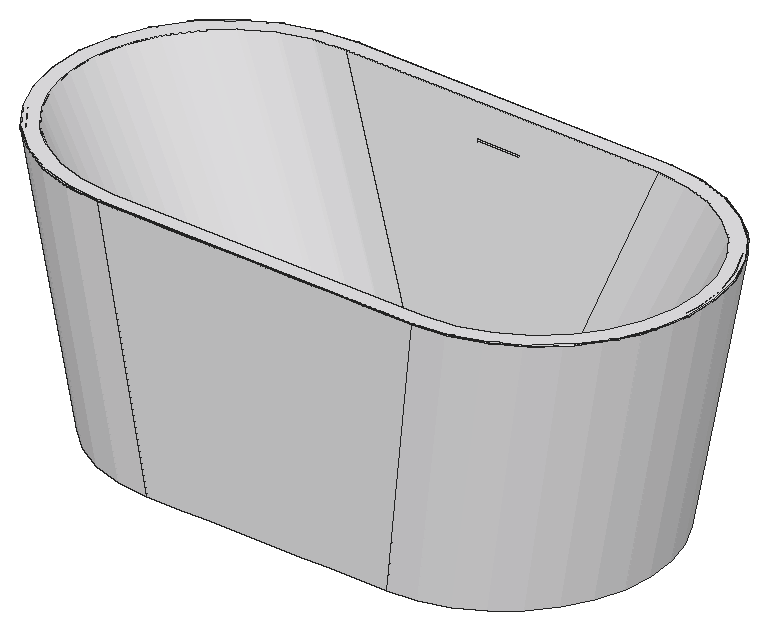
Revit family "Bath-Freestanding-KOHLER-EVOK-K-25167T_1", category Plumbing Fixtures, host Face, Revit 2022
Family settings
  Host = Face
  Round Connector Dimension = Use Diameter
  Part Type = Normal
  OmniClass Number = 23.31.15.00
  OmniClass Title = Bathtubs
  Cut with Voids When Loaded = No
  Maintain Annotation Orientation = No
  Shared = No
  Room Calculation Point = No
Parameters (values of type "White Apron, 0-White")
  Width = 59"  # constant formula
  WaterSense Certified = 1 = 0  # no
  Waste Water Outlet = "Waste Water Outlet"  # constant formula
  Waste Connection = 1 = 1  # yes
  Vent Connection = 1 = 0  # no
  URL = "http://www.kohler.com.cn/"
  Type = 1
  Secondary Finish = KOHLER-Acrylic-0-White
  Product Page URL = "https://www.kohler.com.cn/product/K-25167T-0/K-25167T-0/"
  Product Name = "EVOK"  # constant formula
  Product Documentation Link = "https://files.kohler.com.cn/pdfs/1586770508770_191025_RI_K-25167T_final.pdf"
  Pressure = 0.00 psi
  Model = if(Type = 1, "K-25167T-0", if(Type = 2, "K-25167T-P5-0", if(Type = 3, "K-25167T-P8-0", "NA")))  # "K-25167T-0"
  Material = "Acrylic"  # constant formula
  Master Format 2014 Name = "Residential Bathtubs"  # constant formula
  Master Format 2014 = "22 41 19"  # constant formula
  Manufacturer Address = "Kohler Beijing Office (100016) 36-2-03-B, No. 88, Liuxiang Road, Beijing"  # constant formula
  Manufacturer = "Kohler Co."  # constant formula
  Length = 29 33/64"  # constant formula
  Hot Water Inlet = "Hot Water Inlet"  # constant formula
  Height = 24 27/128"  # constant formula
  HW Connection = 1 = 0  # no
  Flow Rate = 0 GPM
  Finish = KOHLER-Acrylic-0-White
  Environmental Product Declaration = ""
  Drain Included = 1 = 1  # yes
  Description = if(Type = 1, "Ave 2.0 Oval 1.5m Seamless Freestanding Acrylic Bathtub (with Drain)", if(Type = 2, "Ave 2.0 Oval 1.5m Seamless Freestanding Acrylic Bathtub Black Skirt (with Drain)", if(Type = 3, "Ave 2.0 Oval 1.5m Seamless Freestanding Acrylic Bathtub Peacock Blue Skirt (with Drainage)", "NA")))  # "Ave 2.0 Oval 1.5m Seamless Freestanding Acrylic Bathtub (with Drain)"
  Default Elevation = 0"
  Declare Label = ""
  Date Modified = "04/08/2022"  # constant formula
  Date Created = "02/23/2022"  # constant formula
  Copyright = "Copyright Kohler Co."  # constant formula
  Contact Us = "http://www.kohler.com.cn/contact/contact-us/"
  Cold Water Inlet = "Cold Water Inlet"  # constant formula
  CW Connection = 1 = 0  # no
  Assembly Code = "D2010500"
  ADA Compliant = 1 = 0  # no
Types (4): name | Type | Secondary Finish | Product Page URL | Model | Description
  (no name) | 1 | KOHLER-Acrylic-0-White | "https://www.kohler.com.cn/product/K-25167T-0/K-25167T-0/" | "K-25167T-0" | "Ave 2.0 Oval 1.5m Seamless Freestanding Acrylic Bathtub (with Drain)"
  White Apron, 0-White | 1 | KOHLER-Acrylic-0-White | "https://www.kohler.com.cn/product/K-25167T-0/K-25167T-0/" | "K-25167T-0" | "Ave 2.0 Oval 1.5m Seamless Freestanding Acrylic Bathtub (with Drain)"
  Black Apron, 0-White | 2 | KOHLER-Acrylic-P5-Iron_Black | "https://www.kohler.com.cn/product/K-25167T-P5-0/K-25167T-P5-0/" | "K-25167T-P5-0" | "Ave 2.0 Oval 1.5m Seamless Freestanding Acrylic Bathtub Black Skirt (with Drain)"
  Peacock Apron, 0-White | 3 | KOHLER-Acrylic-P8-Peacock | "https://www.kohler.com.cn/product/K-25167T-P8-0/K-25167T-P8-0/" | "K-25167T-P8-0" | "Ave 2.0 Oval 1.5m Seamless Freestanding Acrylic Bathtub Peacock Blue Skirt (with Drainage)"
Reference planes (in)
  plane 1 "Center (Front/Back)": y = 0
  plane 2: z = 0
  plane 3 "Center (Left/Right)": x = 0
  plane 4: y = 14.75775
  plane 5: z = 24.21094
  plane 6: z = 0.19353
  plane 7: x = -29.5
  plane 8: x = -24.61417
  plane 9: x = -18.21063
  plane 10: y = 11.09646
  plane 11: x = -28.48425
  plane 12: y = 13.56496
  plane 13: y = 13.742
  plane 14: z = 3.0821
  plane 15: x = 29.5
  plane 16: x = 24.61417
  plane 17: x = 18.21063
  plane 18: x = 28.48425
  plane 19: y = -14.75787
  plane 20: y = -11.09646
  plane 21: y = -13.56496
  plane 22: y = -13.74225
Dimensions and locks (in)
  "Height": plane 5 to level
  plane 5 to plane 6 = 24.01741"
  "Width": plane 7 to plane 15
  "Length": plane 19 to plane 4
  plane 3 "Center (Left/Right)" to plane 15 = 29 1/2"
  plane 18 to plane 15 = 1.01575"
  plane 13 to plane 4 = 1.01575"
  plane 19 to plane 1 "Center (Front/Back)" = 14.75787"
  plane 9 to plane 17 = 36.42126"
  plane 20 to plane 10 = 22.19291"
  plane 11 to plane 18 = 56.9685"
  plane 13 to plane 22 = 27.48425"
  plane 8 to plane 16 = 49.22835"
  plane 12 to plane 21 = 27.12992"
  aligned and locked: plane 2 to host face
  aligned and locked: level to host face
  aligned and locked: plane 3 "Center (Left/Right)" to nested 1
  aligned and locked: plane 1 "Center (Front/Back)" to nested 1
Automatic sketch dimensions
  host sketch curve to host sketch curve = 96"  (x2)
Nested families (in)
  nested 1: "K-25167T" at (0, 0, 0), type "K-25167T"
Connectors (in)
  piping at (0, 0, 3.08487), diameter 1.19922, driven by "Waste Connection", driven by "Waste Water Outlet"
    settings: on nested 1, index 1, connector inside diameter 24", connector length 0", flow factor 0, pipe flow 0 GPM, pressure drop 0.00 psi, fitting loss kfactor 0, connector angle 0.00°, fixture units 0, engagement length 0", angle of deflection 0.00°, flow configuration 0, flow direction 2, fitting loss method 0, system type 16, joint type 0, gender type 0, connector reference index -1, connector utility 1, adjustable connector no, is connector primary yes, connector description "Waste Water Outlet"
Definition of nested family "K-25167T"
  Parameters
    Sec Material = none
    Material = none
    Default Elevation = 0"
  Reference planes (in)
    plane 1 "Center (Front/Back)": y = 0
    plane 2: z = 0
    plane 3 "Center (Left/Right)": x = 0
    plane 4: z = 24.2126
    plane 5: z = 0.19685
    plane 6: z = 3.0821
    plane 7: y = 14.75787
    plane 8: y = 13.74213
    plane 9: y = 11.09646
    plane 10: x = -29.5
    plane 11: x = -28.48425
    plane 12: x = -18.21063
    plane 13: x = 26.58268
    plane 14: y = -14.75787
    plane 15: y = -13.74213
    plane 16: y = -11.09646
    plane 17: x = 29.5
    plane 18: x = 28.48425
    plane 19: x = 18.21063
    plane 20: x = -24.61417
    plane 21: x = 24.61417
    plane 22: y = 13.56496
    plane 23: y = -13.56496
  Forms (in)
    Blend 1, solid, material <- "Material", detail levels medium+fine
      base sketch origin (0.12683, 0, 0) x (1, 0, 0) y (0, 1, 0)
        loop
          arc (-11.2152, 13.18979) -> (-24.40499, 0) -> (-11.2152, -13.18979) r 13.18979
          line (-11.2152, -13.18979) -> (10.96153, -13.18979)
          arc (10.96153, -13.18979) -> (24.15132, 0) -> (10.96153, 13.18979) r 13.18979
          line (10.96153, 13.18979) -> (-11.2152, 13.18979)
      top sketch origin (0.12683, 0, 0) x (1, 0, 0) y (0, 1, 0)
        loop
          arc (-14.64353, 14.5661) -> (-29.20963, 0) -> (-14.64353, -14.5661) r 14.5661
          line (-14.64353, -14.5661) -> (14.38987, -14.5661)
          arc (14.38987, -14.5661) -> (28.95597, 0) -> (14.38987, 14.5661) r 14.5661
          line (14.38987, 14.5661) -> (-14.64353, 14.5661)
      from 0.19685 to 24.03581
    Sweep 2, solid, material <- "Material", detail levels medium+fine
      path origin (0, 0, 0) x (1, 0, 0) y (0, 1, 0)
        loop
          arc (-14.5167, 14.96063) -> (-29.47733, 0) -> (-14.5167, -14.96063) r 14.96063
          line (-14.5167, -14.96063) -> (14.5167, -14.96063)
          arc (14.5167, -14.96063) -> (29.47733, 0) -> (14.5167, 14.96063) r 14.96063
          line (14.5167, 14.96063) -> (-14.5167, 14.96063)
      profile origin (29.47733, 0, 0) x (1, 0, 0) y (0, 0, 1)
        loop
          line (0, 24.03581) -> (0, 24.07191)
          arc (0, 24.07191) -> (-0.01657, 24.11192) -> (-0.05658, 24.12849) r 0.05658
          line (-0.05658, 24.12849) -> (-0.11659, 24.12849) -> (-0.11659, 24.03581) -> (0, 24.03581)
    Blend 3, void
      base sketch origin (0, 0, 0) x (1, 0, 0) y (0, 1, 0)
        loop
          arc (-6.932, 11.28543) -> (-18.21744, 0) -> (-6.932, -11.28543) r 11.28543
          line (-6.932, -11.28543) -> (6.932, -11.28543)
          arc (6.932, -11.28543) -> (18.21744, 0) -> (6.932, 11.28543) r 11.28543
          line (6.932, 11.28543) -> (-6.932, 11.28543)
      top sketch origin (0, 0, 0) x (1, 0, 0) y (0, 1, 0)
        loop
          arc (-14.7983, 13.6811) -> (-28.4794, 0) -> (-14.7983, -13.6811) r 13.6811
          line (-14.7983, -13.6811) -> (14.7983, -13.6811)
          arc (14.7983, -13.6811) -> (28.4794, 0) -> (14.7983, 13.6811) r 13.6811
          line (14.7983, 13.6811) -> (-14.7983, 13.6811)
      from 4.8406 to 24.99303
    Extrusion 4, solid, material <- "Material", detail levels medium+fine
      sketch origin (0, 0, 0) x (1, 0, 0) y (0, 1, 0)
        loop
          line (-14.5167, -14.84404) -> (14.5167, -14.84404)
          arc (14.5167, -14.84404) -> (29.36074, 0) -> (14.5167, 14.84404) r 14.84404
          line (14.5167, 14.84404) -> (-14.5167, 14.84404)
          arc (-14.5167, 14.84404) -> (-29.36074, 0) -> (-14.5167, -14.84404) r 14.84404
        loop
          arc (-14.42466, 13.56731) -> (-27.99197, 0) -> (-14.42466, -13.56731) r 13.56731
          line (-14.42466, -13.56731) -> (14.42466, -13.56731)
          arc (14.42466, -13.56731) -> (27.99197, 0) -> (14.42466, 13.56731) r 13.56731
          line (14.42466, 13.56731) -> (-14.42466, 13.56731)
      from 24.03581 to 24.12849
    Revolve 5, solid, detail levels medium+fine
      sketch origin (0, 0, 0) x (1, 0, 0) y (0, 0, 1)
        loop
          arc (0, 5.72692) -> (-0.71313, 5.64992) -> (-1.39339, 5.42247) r 3.34085
          arc (-1.39339, 5.42247) -> (-1.41057, 5.40754) -> (-1.41698, 5.38569) r 0.04047
          line (-1.41698, 5.38569) -> (-1.41698, 5.02102) -> (-0.23587, 5.02102) -> (-0.23587, 4.43099) -> (-0.82118, 4.43099) -> (-0.85178, 4.57498)
          arc (-0.85178, 4.57498) -> (-0.8622, 4.59377) -> (-0.88133, 4.60352) r 0.03673
          line (-0.88133, 4.60352) -> (-1.34773, 4.68575)
          arc (-1.34773, 4.68575) -> (-1.38122, 4.6623) -> (-1.35777, 4.62881) r 0.02891
          line (-1.35777, 4.62881) -> (-0.9943, 4.56473)
          arc (-0.9943, 4.56473) -> (-0.94891, 4.53852) -> (-0.93098, 4.48927) r 0.07662
          line (-0.93098, 4.48927) -> (-0.93098, 4.31643) -> (0, 4.31643) -> (0, 5.72692)
        axis (0, 4.31643) -> (0, 5.72692)
      angle from 0 to 360
    Revolve 6, void
      sketch origin (0, 0, 0) x (1, 0, 0) y (0, 0, 1)
        loop
          line (-1.70584, 4.73897) -> (-1.34095, 4.37408)
          arc (-1.34095, 4.37408) -> (-1.27709, 4.33141) -> (-1.20176, 4.31643) r 0.19685
          line (-1.20176, 4.31643) -> (-0.76137, 4.31643) -> (-0.76137, 3.52165) -> (0, 3.52165) -> (0, 5.30055) -> (-2.40862, 5.30055) -> (-2.40862, 4.8406) -> (-1.95119, 4.8406)
          arc (-1.95119, 4.8406) -> (-1.81841, 4.81419) -> (-1.70584, 4.73897) r 0.34697
        axis (0, 3.52165) -> (0, 5.30055)
      angle from 0 to 360
    Extrusion 7, void
      sketch origin (0, 0, 0) x (1, 0, 0) y (0, 1, 0)
        loop
          arc (-11.04798, 12.38448) -> (-23.43245, 0.00001) -> (-11.04798, -12.38446) r 12.38447
          line (-11.04798, -12.38446) -> (11.04798, -12.38446)
          arc (11.04798, -12.38446) -> (23.43245, 0.00001) -> (11.04798, 12.38448) r 12.38447
          line (11.04798, 12.38448) -> (-11.04798, 12.38448)
      from 0 to 4.53076
    Extrusion 8, void
      sketch origin (0, 0, 0.12303) x (1, 0, 0) y (0, 0, 1)
        loop
          line (1.84972, 21.16313) -> (-1.84972, 21.16313)
          arc (-1.84972, 21.16313) -> (-1.96783, 21.04502) -> (-1.84972, 20.92691) r 0.11811
          line (-1.84972, 20.92691) -> (1.84972, 20.92691)
          arc (1.84972, 20.92691) -> (1.96783, 21.04502) -> (1.84972, 21.16313) r 0.11811
      from -14.11698 to -12.23451
    Revolve 9, solid, material <- "Material", detail levels medium+fine
      sketch origin (0, 0, 0) x (1, 0, 0) y (0, 0, 1)
        loop
          line (-0.93171, 4.31643) -> (-0.93171, 3.11451)
          arc (-0.93171, 3.11451) -> (-0.92303, 3.09355) -> (-0.90207, 3.08487) r 0.02964
          line (-0.90207, 3.08487) -> (-0.81114, 3.08487) -> (-0.81114, 4.31643) -> (-0.93171, 4.31643)
        axis (0, 3.08487) -> (0, 4.31643)
      angle from 0 to 360
    Blend 10, solid, material <- "Material", detail levels coarse
      base sketch origin (0, 0, 0) x (1, 0, 0) y (0, 1, 0)
        loop
          line (-11.09924, -13.18979) -> (11.08836, -13.18979)
          arc (11.08836, -13.18979) -> (24.27815, 0) -> (11.08836, 13.18979) r 13.18979
          line (11.08836, 13.18979) -> (-11.08836, 13.18979)
          arc (-11.08836, 13.18979) -> (-24.27815, 0.00544) -> (-11.09924, -13.18979) r 13.18979
      top sketch origin (0, 0, 0) x (1, 0, 0) y (0, 1, 0)
        loop
          line (-14.5167, -14.5661) -> (14.5167, -14.5661)
          arc (14.5167, -14.5661) -> (29.0828, 0) -> (14.5167, 14.5661) r 14.5661
          line (14.5167, 14.5661) -> (-14.5167, 14.5661)
          arc (-14.5167, 14.5661) -> (-29.0828, 0) -> (-14.5167, -14.5661) r 14.5661
      from 0 to 24.2126
    Blend 11, void
      base sketch origin (0, 0, 0) x (1, 0, 0) y (0, 1, 0)
        loop
          arc (-6.932, 11.28543) -> (-18.21744, 0) -> (-6.932, -11.28543) r 11.28543
          line (-6.932, -11.28543) -> (6.932, -11.28543)
          arc (6.932, -11.28543) -> (18.21744, 0) -> (6.932, 11.28543) r 11.28543
          line (6.932, 11.28543) -> (-6.932, 11.28543)
      top sketch origin (0, 0, 0) x (1, 0, 0) y (0, 1, 0)
        loop
          arc (-14.46083, 13.57833) -> (-28.03916, 0) -> (-14.46083, -13.57833) r 13.57833
          line (-14.46083, -13.57833) -> (14.46083, -13.57833)
          arc (14.46083, -13.57833) -> (28.03916, 0) -> (14.46083, 13.57833) r 13.57833
          line (14.46083, 13.57833) -> (-14.46083, 13.57833)
      from 4.8406 to 25.27574
    Extrusion 12, solid, material <- "Material", detail levels medium+fine
      sketch origin (0, 0, 0) x (1, 0, 0) y (0, 1, 0)
        loop
          line (-7.08661, -8.85822) -> (7.08661, -8.85822)
          arc (7.08661, -8.85822) -> (13.35036, -6.2637) -> (15.94488, 0.00004) r 8.85827
          arc (15.94488, 0.00004) -> (13.35036, 6.26379) -> (7.08661, 8.85831) r 8.85827
          line (7.08661, 8.85831) -> (-7.08661, 8.85831)
          arc (-7.08661, 8.85831) -> (-13.35036, 6.26379) -> (-15.94488, 0.00004) r 8.85827
          arc (-15.94488, 0.00004) -> (-13.35036, -6.2637) -> (-7.08661, -8.85822) r 8.85827
      from 3.98966 to 4.53076
    Extrusion 13, solid, material <- "Material", detail levels medium+fine
      sketch origin (0, 0, 0) x (1, 0, 0) y (0, 1, 0)
        loop
          line (-7.38189, 9.84256) -> (-8.36614, 9.84256) -> (-8.36614, -9.84248) -> (-7.38189, -9.84248) -> (-7.38189, 9.84256)
        loop
          line (7.38189, -9.84248) -> (8.36614, -9.84248) -> (8.36614, 9.84256) -> (7.38189, 9.84256) -> (7.38189, -9.84248)
      from 2.02115 to 3.98966
    Extrusion 14, solid, material <- "Material", detail levels medium+fine
      sketch origin (0, 0, 0) x (1, 0, 0) y (0, 1, 0)
        loop
          line (-8.26043, -9.37003) -> (-8.06722, -9.70468) -> (-7.68081, -9.70468) -> (-7.4876, -9.37003) -> (-7.68081, -9.03539) -> (-8.06722, -9.03539) -> (-8.26043, -9.37003)
        loop
          line (8.26043, -9.37003) -> (8.06722, -9.03539) -> (7.68081, -9.03539) -> (7.4876, -9.37003) -> (7.68081, -9.70468) -> (8.06722, -9.70468) -> (8.26043, -9.37003)
        loop
          line (8.26043, 9.37003) -> (8.06722, 9.70468) -> (7.68081, 9.70468) -> (7.4876, 9.37003) -> (7.68081, 9.03539) -> (8.06722, 9.03539) -> (8.26043, 9.37003)
        loop
          line (-8.26043, 9.37003) -> (-8.06722, 9.03539) -> (-7.68081, 9.03539) -> (-7.4876, 9.37003) -> (-7.68081, 9.70468) -> (-8.06722, 9.70468) -> (-8.26043, 9.37003)
      from 1.70619 to 2.02115
    Revolve 15, solid, material <- "Material", detail levels medium+fine
      sketch origin (-19.68504, -9.37007, 0) x (1, 0, 0) y (0, 0, -1)
        loop
          line (11.81102, 0) -> (11.81102, -2.5376) -> (12.00792, -2.5376) -> (12.00792, -1.25984) -> (12.19757, -1.25984) -> (12.19757, -0.96506) -> (12.00792, -0.96506) -> (12.00792, -0.93307) -> (12.32283, -0.93307) -> (12.79528, -0.46063) -> (12.79528, 0) -> (11.81102, 0)
        axis (11.81102, -2.5376) -> (11.81102, 0)
      angle from 0 to 360
    Revolve 16, solid, material <- "Material", detail levels medium+fine
      sketch origin (19.68504, -9.37007, 0) x (-1, 0, 0) y (0, 0, 1)
        loop
          line (11.81102, 0) -> (12.79528, 0) -> (12.79528, 0.46063) -> (12.32283, 0.93307) -> (12.00792, 0.93307) -> (12.00792, 0.96506) -> (12.19757, 0.96506) -> (12.19757, 1.25984) -> (12.00792, 1.25984) -> (12.00792, 2.5376) -> (11.81102, 2.5376) -> (11.81102, 0)
        axis (11.81102, 2.5376) -> (11.81102, 0)
      angle from 0 to 360
    Revolve 17, solid, material <- "Material", detail levels medium+fine
      sketch origin (19.68504, 9.37007, 0) x (-1, 0, 0) y (0, 0, -1)
        loop
          line (11.81102, 0) -> (11.81102, -2.5376) -> (12.00792, -2.5376) -> (12.00792, -1.25984) -> (12.19757, -1.25984) -> (12.19757, -0.96506) -> (12.00792, -0.96506) -> (12.00792, -0.93307) -> (12.32283, -0.93307) -> (12.79528, -0.46063) -> (12.79528, 0) -> (11.81102, 0)
        axis (11.81102, -2.5376) -> (11.81102, 0)
      angle from 0 to 360
    Revolve 18, solid, material <- "Material", detail levels medium+fine
      sketch origin (-19.68504, 9.37007, 0) x (1, 0, 0) y (0, 0, 1)
        loop
          line (11.81102, 0) -> (12.79528, 0) -> (12.79528, 0.46063) -> (12.32283, 0.93307) -> (12.00792, 0.93307) -> (12.00792, 0.96506) -> (12.19757, 0.96506) -> (12.19757, 1.25984) -> (12.00792, 1.25984) -> (12.00792, 2.5376) -> (11.81102, 2.5376) -> (11.81102, 0)
        axis (11.81102, 2.5376) -> (11.81102, 0)
      angle from 0 to 360
    Blend 19, solid, material <- "Sec Material", detail levels medium+fine
      base sketch origin (0.12683, 0, 0) x (1, 0, 0) y (0, 1, 0)
        loop
          line (-11.2152, -13.58432) -> (10.96153, -13.58432)
          arc (10.96153, -13.58432) -> (24.54585, 0) -> (10.96153, 13.58432) r 13.58432
          line (10.96153, 13.58432) -> (-11.2152, 13.58432)
          arc (-11.2152, 13.58432) -> (-24.79952, 0) -> (-11.2152, -13.58432) r 13.58432
      top sketch origin (0.12683, 0, 0) x (1, 0, 0) y (0, 1, 0)
        loop
          arc (-14.64353, 14.96063) -> (-29.60416, 0) -> (-14.64353, -14.96063) r 14.96063
          line (-14.64353, -14.96063) -> (14.38987, -14.96063)
          arc (14.38987, -14.96063) -> (29.3505, 0) -> (14.38987, 14.96063) r 14.96063
          line (14.38987, 14.96063) -> (-14.64353, 14.96063)
      from 0.19685 to 24.03581
    Blend 20, void
      base sketch origin (0.12683, 0, 0) x (1, 0, 0) y (0, 1, 0)
        loop
          arc (-11.2152, 13.18979) -> (-24.40499, 0) -> (-11.2152, -13.18979) r 13.18979
          line (-11.2152, -13.18979) -> (10.96153, -13.18979)
          arc (10.96153, -13.18979) -> (24.15132, 0) -> (10.96153, 13.18979) r 13.18979
          line (10.96153, 13.18979) -> (-11.2152, 13.18979)
      top sketch origin (0.12683, 0, 0) x (1, 0, 0) y (0, 1, 0)
        loop
          arc (-14.64353, 14.5661) -> (-29.20963, 0) -> (-14.64353, -14.5661) r 14.5661
          line (-14.64353, -14.5661) -> (14.38987, -14.5661)
          arc (14.38987, -14.5661) -> (28.95597, 0) -> (14.38987, 14.5661) r 14.5661
          line (14.38987, 14.5661) -> (-14.64353, 14.5661)
      from 0.19685 to 24.03581
    Blend 21, solid, material <- "Sec Material", detail levels coarse
      base sketch origin (0, 0, 0) x (1, 0, 0) y (0, 1, 0)
        loop
          line (-11.0994, -13.58432) -> (11.08836, -13.58432)
          arc (11.08836, -13.58432) -> (24.67269, 0) -> (11.08836, 13.58432) r 13.58432
          line (11.08836, 13.58432) -> (-11.08836, 13.58432)
          arc (-11.08836, 13.58432) -> (-24.67268, 0.00552) -> (-11.0994, -13.58432) r 13.58432
      top sketch origin (0, 0, 0) x (1, 0, 0) y (0, 1, 0)
        loop
          line (-14.5167, -14.96063) -> (14.5167, -14.96063)
          arc (14.5167, -14.96063) -> (29.47733, 0) -> (14.5167, 14.96063) r 14.96063
          line (14.5167, 14.96063) -> (-14.5167, 14.96063)
          arc (-14.5167, 14.96063) -> (-29.47733, 0) -> (-14.5167, -14.96063) r 14.96063
      from 0 to 24.2126
    Blend 22, void
      base sketch origin (0, 0, 0) x (1, 0, 0) y (0, 1, 0)
        loop
          line (-11.09924, -13.18979) -> (11.08836, -13.18979)
          arc (11.08836, -13.18979) -> (24.27815, 0) -> (11.08836, 13.18979) r 13.18979
          line (11.08836, 13.18979) -> (-11.08836, 13.18979)
          arc (-11.08836, 13.18979) -> (-24.27815, 0.00544) -> (-11.09924, -13.18979) r 13.18979
      top sketch origin (0, 0, 0) x (1, 0, 0) y (0, 1, 0)
        loop
          line (-14.5167, -14.5661) -> (14.5167, -14.5661)
          arc (14.5167, -14.5661) -> (29.0828, 0) -> (14.5167, 14.5661) r 14.5661
          line (14.5167, 14.5661) -> (-14.5167, 14.5661)
          arc (-14.5167, 14.5661) -> (-29.0828, 0) -> (-14.5167, -14.5661) r 14.5661
      from 0 to 24.2126
  Cuts and joins
    Blend 3, Revolve 6, Extrusion 7, Extrusion 8 cuts Blend 1
    Blend 3, Revolve 6 cuts Sweep 2
    Blend 3, Revolve 6 cuts Extrusion 4
    Revolve 6 cuts Extrusion 12
    joined: Blend 1, Sweep 2, Extrusion 4, Revolve 9, Extrusion 12, Extrusion 13, Extrusion 14, Revolve 15, Revolve 16, Revolve 17, Revolve 18
    Blend 11 cuts Blend 10
    Blend 20 cuts Blend 19
    Blend 22 cuts Blend 21
  Lines and regions (in)
    Masking region 1
      outline origin (0, 0, 0) x (1, 0, 0) y (0, 1, 0)
        loop
          arc (-14.74213, 14.75787) -> (-29.5, 0) -> (-14.74213, -14.75787) r 14.75787
          line (-14.74213, -14.75787) -> (14.74213, -14.75787)
          arc (14.74213, -14.75787) -> (29.5, 0) -> (14.74213, 14.75787) r 14.75787
          line (14.74213, 14.75787) -> (-14.74213, 14.75787)
    Masking region 2
      outline origin (0, 0, 0) x (1, 0, 0) y (0, 0, 1)
        loop
          arc (-29.29565, 24.2126) -> (-29.45402, 24.13739) -> (-29.49582, 23.96712) r 0.20435
          line (-29.49582, 23.96712) -> (-24.67964, 0.52251)
          arc (-24.67964, 0.52251) -> (-24.53793, 0.28859) -> (-24.28028, 0.19685) r 0.4077
          line (-24.28028, 0.19685) -> (-8.85827, 0.19685) -> (-8.85827, 0) -> (-6.88976, 0) -> (-6.88976, 0.19685) -> (6.88976, 0.19685) -> (6.88976, 0) -> (8.85827, 0) -> (8.85827, 0.19685) -> (24.28028, 0.19685)
          arc (24.28028, 0.19685) -> (24.53793, 0.28859) -> (24.67964, 0.52251) r 0.4077
          line (24.67964, 0.52251) -> (29.49582, 23.96712)
          arc (29.49582, 23.96712) -> (29.45402, 24.13739) -> (29.29565, 24.2126) r 0.20435
          line (29.29565, 24.2126) -> (-29.29565, 24.2126)
    Masking region 3
      outline origin (0, 0, 0) x (0, 1, 0) y (0, 0, 1)
        loop
          line (14.58322, 24.2126) -> (-14.58322, 24.2126)
          arc (-14.58322, 24.2126) -> (-14.70955, 24.15841) -> (-14.75734, 24.02952) r 0.17434
          line (-14.75734, 24.02952) -> (-13.5805, 0.57083)
          arc (-13.5805, 0.57083) -> (-13.45862, 0.30527) -> (-13.18729, 0.19685) r 0.3937
          line (-13.18729, 0.19685) -> (-10.35434, 0.19685) -> (-10.35434, 0) -> (-9.65257, 0) -> (-8.38584, 0) -> (-8.38584, 0.19685) -> (8.38584, 0.19685) -> (8.38584, 0) -> (9.65257, 0) -> (10.35434, 0) -> (10.35434, 0.19685) -> (13.18729, 0.19685)
          arc (13.18729, 0.19685) -> (13.45862, 0.30527) -> (13.5805, 0.57083) r 0.3937
          line (13.5805, 0.57083) -> (14.75734, 24.02952)
          arc (14.75734, 24.02952) -> (14.70955, 24.15841) -> (14.58322, 24.2126) r 0.17434
    symbolic lines
      curve 1: line (-7.10336, 11.09646, 0) -> (7.10336, 11.09646, 0)
      curve 2: line (-14.74274, 13.74213, 0) -> (14.74274, 13.74213, 0)
      curve 7: circle (0, 0, 0) r 1.81364 normal (0, 0, 1)
      curve 14: arc (-14.74274, -13.74213, 0) -> (-28.48486, 0, 0) -> (-14.74274, 13.74213, 0) r 13.74213
      curve 16: arc (-7.82741, -11.09646, 0) -> (-18.20573, 0.3504, 0) -> (-7.10336, 11.09646, 0) r 11.10827
      curve 17: line (-7.82741, -11.09646, 0) -> (7.82741, -11.09646, 0)
      curve 18: line (-14.74274, -13.74213, 0) -> (14.74274, -13.74213, 0)
      curve 20: arc (14.74274, -13.74213, 0) -> (28.48486, 0, 0) -> (14.74274, 13.74213, 0) r 13.74213
      curve 22: arc (7.82741, -11.09646, 0) -> (18.20573, 0.3504, 0) -> (7.10336, 11.09646, 0) r 11.10827
    symbolic lines, detail levels medium+fine
      curve 3: line (-7.23337, 9.19094, 0) -> (7.23337, 9.19094, 0)
      curve 4: line (-1.97459, 13.21623, 0) -> (1.97459, 13.21623, 0)
      curve 5: line (-1.97459, 13.15499, 0) -> (1.97459, 13.15499, 0)
      curve 6: arc (-1.97459, 13.15499, 0) -> (-2.00521, 13.18561, 0) -> (-1.97459, 13.21623, 0) r 0.03062
      curve 8: circle (0, 0, 0) r 1.70172 normal (0, 0, 1)
      curve 9: circle (0, 0, 0) r 1.41072 normal (0, 0, 1)
      curve 10: arc (1.97459, 13.15499, 0) -> (2.00521, 13.18561, 0) -> (1.97459, 13.21623, 0) r 0.03062
      curve 11: line (-8.85827, 0, 0.19685) -> (-6.88976, 0, 0.19685)
      curve 12: line (0, 10.35434, 0.19685) -> (0, 8.38584, 0.19685)
      curve 13: line (0, -8.38584, 0.19685) -> (0, -10.35434, 0.19685)
      curve 15: arc (-7.23337, -9.19094, 0) -> (-16.42431, 0, 0) -> (-7.23337, 9.19094, 0) r 9.19094
      curve 19: line (-7.23337, -9.19094, 0) -> (7.23337, -9.19094, 0)
      curve 21: arc (7.23337, -9.19094, 0) -> (16.42431, 0, 0) -> (7.23337, 9.19094, 0) r 9.19094
      curve 23: line (8.85827, 0, 0.19685) -> (6.88976, 0, 0.19685)
  Dimensions and locks (in)
    plane 4 to plane 5 = 24.01575"
    plane 10 to plane 3 "Center (Left/Right)" = 29 1/2"
    plane 10 to plane 11 = 1.01575"
    plane 12 to plane 3 "Center (Left/Right)" = 18.21063"
    locked: plane 7 to plane 8 at 1.01575
    plane 7 to plane 1 "Center (Front/Back)" = 14.75787"
    plane 9 to plane 1 "Center (Front/Back)" = 11.09646"
    locked: plane 14 to plane 15 at 1.01575
    plane 3 "Center (Left/Right)" to plane 20 = 24.61417"
    plane 22 to plane 1 "Center (Front/Back)" = 13.56496"
    aligned and locked: plane 2 to level
